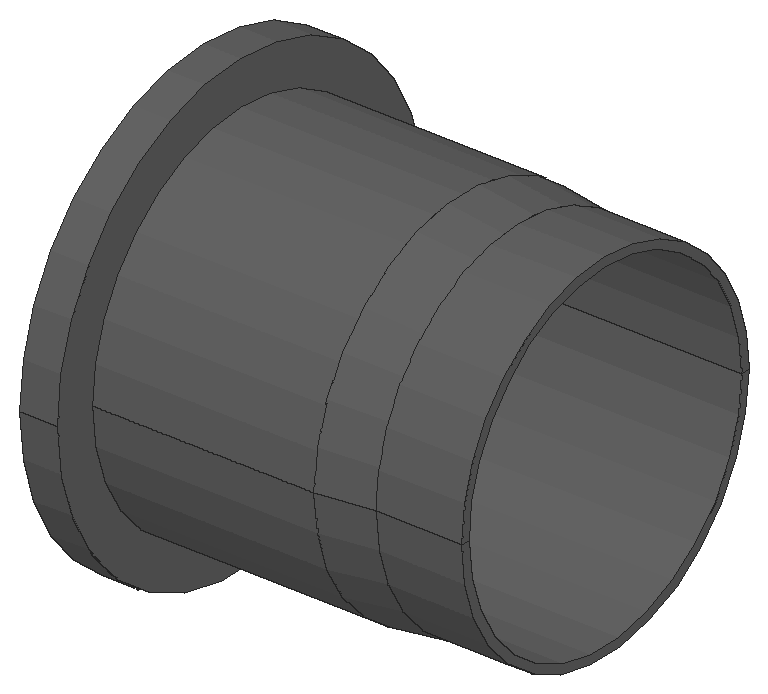
Revit family "QSS+_Патрубок компенсационный", category Соединительные детали трубопроводов, Revit 2019
Family settings
  Размер круглого соединителя = Использовать диаметр
  Тип детали = Соединение
  На основе рабочей плоскости = Нет
  Всегда вертикально = Да
  При загрузке вырезать с полостями = Нет
  Общий = Нет
Parameters (values of type "QSS+")
  Поиск в таблице имен = "QSS+_Патрубок компенсационный"  # constant formula
  Материал_Корпус = Пластик
  k2 [instance] = size_lookup(Поиск в таблице имен, "k2", D + 30 mm, d)  # 155 mm
  k1 [instance] = size_lookup(Поиск в таблице имен, "k1", D + 30 mm, d)  # 60 mm
  k3 [instance] = size_lookup(Поиск в таблице имен, "k3", D + 30 mm, d)  # 26 mm
  URL = "www.agpipe.ru"
  K [instance] = size_lookup(Поиск в таблице имен, "K", D + 30 mm, d)  # 280 mm
  D1 [instance] = size_lookup(Поиск в таблице имен, "D1", D + 30 mm, d)  # 320 mm
  D [instance] = d + 10 mm  # 260 mm
  d [instance] = 250 mm
  ADSK_Примечание = ""
  ADSK_Позиция [instance] = ""
  ADSK_Обозначение = ""
  ADSK_Наименование [instance] = size_lookup(Поиск в таблице имен, "ADSK_Наименование", "Нет в каталоге", d)  # "Патрубок компенсационный DN250"
  ADSK_Масса_Текст [instance] = ""
  ADSK_Код изделия [instance] = size_lookup(Поиск в таблице имен, "ADSK_Код изделия", "Нет в каталоге", d)  # "QSS-EJ-250"
  ADSK_Завод-изготовитель = "Agpipe"  # constant formula
  ADSK_Единица измерения = "шт."  # constant formula
Reference planes
  plane 1 "По центру (Вперед/Назад)": y = 0
  plane 2: z = 0
  plane 3 "По центру (Влево/Вправо)": x = 0
  plane 4: x = -140
  plane 5: x = 140
  plane 6: x = 41
  plane 7: x = -114
  plane 8: y = 125
  plane 9: y = -125
  plane 10: y = -130
  plane 11: y = 130
  plane 12: y = 125
  plane 13: y = -125
  plane 14: x = 80
  plane 15: y = 119
  plane 16: z = 130
  plane 17: z = -130
Forms (mm)
  Extrusion 1, solid, material "Пластик" <- "Материал_Корпус"
    sketch origin (0, 0, 0) x (0, 1, 0) y (0, 0, 1)
      loop
        circle (0, 0) r 160
    from -140 to -114
  Revolve 2, solid, material "Пластик" <- "Материал_Корпус"
    sketch origin (0, 0, 0) x (1, 0, 0) y (0, 1, 0)
      loop
        line (-114, 119) -> (140, 119) -> (140, 125) -> (80, 125) -> (41, 130) -> (-114, 130) -> (-114, 119)
      axis (-114, 0) -> (140, 0)
    angle from 0 to 360
  Revolve 3, void
    sketch origin (0, 0, 0) x (1, 0, 0) y (0, 1, 0)
      loop
        line (-114, 110) -> (-140, 114.957) -> (-143, 114.957) -> (-143, 0) -> (-114, 0) -> (-114, 110)
      axis (-143, 0) -> (-114, 0)
    angle from 0 to 360
Cuts and joins
  Revolve 3 cuts Extrusion 1
Lines and regions (mm)
  reference lines
    curve 1: line (-140, 0, 0) -> (140, 0, 0)
Dimensions and locks
  equal spacing: plane 4, plane 3 "По центру (Влево/Вправо)", plane 5
  "K": plane 4 to plane 5
  "k3": plane 4 to plane 7
  equal spacing: plane 10, plane 1 "По центру (Вперед/Назад)", plane 11
  "D": plane 10 to plane 11
  equal spacing: plane 12, plane 1 "По центру (Вперед/Назад)", plane 13
  "d": plane 12 to plane 13
  locked: Revolve 3 sketch curve to plane 12 at 10.043
  locked: Revolve 3 sketch curve to plane 12 at 15
  "k1": plane 14 to plane 5
  "k2": plane 7 to plane 6
  locked: plane 8 to plane 15 at 6
  equal spacing: plane 8, plane 1 "По центру (Вперед/Назад)", plane 9
  "d": plane 8 to plane 9
  equal spacing: plane 16, level, plane 17
  "D": plane 16 to plane 17
  "D1": diameter of Extrusion 1 sketch curve
  aligned and locked: level to plane 2
  aligned and locked: plane 5 to curve 1
  aligned and locked: plane 4 to curve 1
  aligned and locked: plane 1 "По центру (Вперед/Назад)" to curve 1
  aligned and locked: Extrusion 1 to plane 4
  aligned and locked: plane 7 to Extrusion 1
  aligned and locked: plane 8 to Revolve 2 sketch curve
  aligned and locked: plane 5 to Revolve 2 sketch curve
  aligned and locked: Revolve 2 sketch curve to plane 7
  aligned and locked: plane 11 to Revolve 2 sketch curve
  aligned and locked: plane 1 "По центру (Вперед/Назад)" to Revolve 2 sketch curve
  aligned and locked: plane 7 to Revolve 3 sketch curve
  aligned and locked: plane 1 "По центру (Вперед/Назад)" to Revolve 3 sketch curve  (x2)
  aligned and locked: plane 4 to Revolve 3 sketch curve
  aligned and locked: Revolve 2 sketch curve to plane 11
  aligned and locked: plane 14 to Revolve 2 sketch curve
  aligned and locked: plane 6 to Revolve 2 sketch curve
  aligned and locked: Revolve 2 sketch curve to plane 15
Automatic sketch dimensions
  Extrusion 1 sketch curve to level = 0 mm
  Extrusion 1 sketch curve to plane 1 "По центру (Вперед/Назад)" = 0 mm
  Revolve 2 sketch curve to plane 6 = 4.8 mm
  plane 5 to Revolve 2 sketch curve = 100 mm
  Revolve 3 sketch curve to plane 4 = 3 mm
  Revolve 3 sketch curve to Revolve 3 sketch curve = 40 mm
  plane 3 "По центру (Влево/Вправо)" to Revolve 3 sketch curve = 9.5 mm
Connectors
  piping at (-140, 0, 0), diameter 250, driven by "d"
    settings: on curve 1, index 1, connector inside diameter 609.6 mm, connector length 0 mm, flow factor 0, pipe flow 0.0 L/s, pressure drop 0.0 Pa, fitting loss kfactor 0, connector angle 0.00°, fixture units 0, engagement length 0 mm, angle of deflection 0.00°, flow configuration 0, flow direction 0, fitting loss method 0, system type 28, joint type 0, gender type 0, connector reference index 2, connector utility 0, adjustable connector no, is connector primary yes, connector description ""
  piping at (140, 0, 0), diameter 250, driven by "d"
    settings: on curve 1, index 2, connector inside diameter 609.6 mm, connector length 0 mm, flow factor 0, pipe flow 0.0 L/s, pressure drop 0.0 Pa, fitting loss kfactor 0, connector angle 0.00°, fixture units 0, engagement length 0 mm, angle of deflection 0.00°, flow configuration 0, flow direction 0, fitting loss method 0, system type 28, joint type 0, gender type 0, connector reference index 1, connector utility 0, adjustable connector no, is connector primary no, connector description ""
